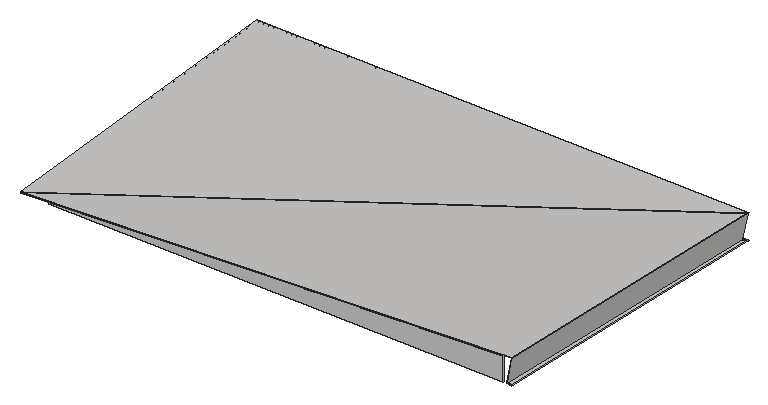
Revit family "Access_Flooring-FreeAxez-Ramp_Internal-1_20", category Specialty Equipment, Revit 2023
Family settings
  Round Connector Dimension = Use Diameter
  Part Type = Normal
  OmniClass Number = 23.35.50.27.14
  OmniClass Title = Rigid Grid Access Flooring
  Work Plane-Based = No
  Enable Cutting in Views = No
  Always vertical = Yes
  Cut with Voids When Loaded = No
  Maintain Annotation Orientation = No
  Shared = No
  Room Calculation Point = No
Parameters (values of type "Gridd70")
  Width = 4' - 7"
  URL = "https://www.freeaxez.com"
  Type Comments = ""
  Product Page URL = "https://www.freeaxez.com/gridd/#features"
  Product Documentation Link = "https://www.freeaxez.com/wp-content/uploads/2018/04/GRIDD-Catalog.pdf"
  Model = "FA-7455in"
  Manufacturer = "FreeAxez"
  Keynote = ""
  Height = 0' - 2.76"
  Description = "Gridd70 Ramp Internal 1:20"
  Default Elevation = 0' - 0"
  Cost = 0
  Assembly Code = ""
Types (2): name | Width | Model | Height | Description
  Gridd40 | 2' - 9" | "FA-4433in" | 0' - 1.57" | "Gridd40 Ramp Internal 1:20"
  Gridd70 | 4' - 7" | "FA-7455in" | 0' - 2.76" | "Gridd70 Ramp Internal 1:20"
Reference planes (in)
  plane 1 "Center (Front/Back)": y = -14.01969
  plane 2 "Bottom": z = 0
  plane 3 "Center (Left/Right)": x = 0
  plane 4: x = -27.5
  plane 5: x = 27.5
  plane 6: y = 2.48031
  plane 7: y = -30.51969
  plane 8 "Top": z = 2.76
  plane 9 "Back": y = 2.5202
  plane 10 "Right": x = 27.53988
  plane 11: y = -5.74974
  plane 12: x = 13.75
  plane 13: x = -27.53988
  plane 14: y = -30.55957
Forms (in)
  Extrusion 1, solid, material "Steel - Galvanized - FreeAxez"
    sketch origin (0, 0, 0) x (0, 1, 0) y (0, 0, 1)
      loop
        line (2.48031, 2.76) -> (-30.51969, 0.06271) -> (-30.51969, 0) -> (2.41636, 2.69461) -> (1.88976, 0) -> (2.48031, 0) -> (2.48031, 0.0625) -> (1.97174, 0.0625) -> (2.48031, 2.66495) -> (2.48031, 2.76)
    from -27.5 to 27.5
  Extrusion 2, solid, material "Steel - Galvanized - FreeAxez"
    sketch origin (-27.5, 45.0057, 48) x (0, 1, 0) y (0, 0, 1)
      loop
        line (-72.37578, -48) -> (-43.52538, -48) -> (-43.52538, -45.38198) -> (-72.37578, -47.74232) -> (-72.37578, -48)
    from 0.07031 to 0
  Extrusion 3, solid, material "Steel - Galvanized - FreeAxez"
    sketch origin (-7.01969, -7.01969, 0) x (-1, 0, 0) y (0, 0, 1)
      loop
        line (-34.51969, 2.76) -> (-34.51969, 2.66495) -> (-34.01111, 0.0625) -> (-34.51969, 0.0625) -> (-34.51969, 0) -> (-33.92913, 0) -> (-34.45573, 2.69461) -> (20.48031, 0) -> (20.48031, 0.06271) -> (-34.51969, 2.76)
    from -23.5 to 9.5
  Extrusion 4, void
    sketch origin (0, 0, 0) x (1, 0, 0) y (0, 1, 0)
      loop
        line (-27.5, -30.51969) -> (27.5, 2.48031) -> (-27.5, 2.48031) -> (-27.5, -30.51969)
    from 0 to 9.84252
  Extrusion 5, void
    sketch origin (0, 0, 0) x (1, 0, 0) y (0, 1, 0)
      loop
        line (27.5, 2.48031) -> (-27.5, -30.51969) -> (27.5, -30.51969) -> (27.5, 2.48031)
    from 0 to 9.84252
  Extrusion 6, solid, material "Steel - Galvanized - FreeAxez"
    sketch origin (-60, -30.51969, 48) x (-1, 0, 0) y (0, 0, 1)
      loop
        line (-35.64961, -48) -> (-35.64961, -47.84539) -> (-86.5, -45.34925) -> (-86.5, -48) -> (-35.64961, -48)
    from 0.06846 to 0
Cuts and joins
  Extrusion 4 cuts Extrusion 3
  Extrusion 5 cuts Extrusion 1
Lines and regions (in)
  Masking region 1
    outline origin (0, 0, 0) x (1, 0, 0) y (0, 1, 0)
      loop
        line (-27.5, 2.48031) -> (-27.5, -30.51969) -> (27.5, -30.51969) -> (27.5, 2.48031) -> (-27.5, 2.48031)
  symbolic lines
    curve 1: line (27.5, 2.48031, 0) -> (-27.5, -30.51969, 0)
    curve 4: line (27.5, 2.48031, 0) -> (-27.5, 2.48031, 0)
    curve 5: line (-27.5, 2.48031, 0) -> (-27.5, -30.51969, 0)
    curve 6: line (-27.5, -30.51969, 0) -> (27.5, -30.51969, 0)
    curve 7: line (27.5, -30.51969, 0) -> (27.5, 2.48031, 0)
    curve 12: line (9.75, -16.85138, 0) -> (13.75, -16.85138, 0)
    curve 13: line (17.75, -16.85138, 0) -> (17.04289, -17.55848, 0)
    curve 14: line (17.75, -16.85138, 0) -> (17.04289, -16.14427, 0)
    curve 15: line (13.75, -16.85138, 0) -> (17.75, -16.85138, 0)
    curve 16: line (-2.83169, -9.74974, 0) -> (-2.83169, -5.74974, 0)
    curve 17: line (-2.83169, -1.74974, 0) -> (-2.12459, -2.45685, 0)
    curve 18: line (-2.83169, -1.74974, 0) -> (-3.5388, -2.45685, 0)
    curve 19: line (-2.83169, -5.74974, 0) -> (-2.83169, -1.74974, 0)
  reference lines
    curve 2: line (-27.5, -14.01969, 0) -> (27.5, -14.01969, 2.69983)
    curve 3: line (0, -30.51969, 0) -> (0, 2.48031, 2.69983)
  symbolic lines, not visible
    curve 8: line (-5.45345, -2.26969, 0) -> (-1.45345, -2.26969, 0)
    curve 9: line (2.54655, -2.26969, 0) -> (1.83945, -2.97679, 0)
    curve 10: line (2.54655, -2.26969, 0) -> (1.83945, -1.56258, 0)
    curve 11: line (-1.45345, -2.26969, 0) -> (2.54655, -2.26969, 0)
Dimensions and locks (in)
  equal spacing: plane 4, plane 3 "Center (Left/Right)", plane 5
  equal spacing: plane 6, plane 1 "Center (Front/Back)", plane 7
  "Height": plane 8 "Top" to plane 2 "Bottom"
  plane 6 to plane 7 = 2' - 9"
  locked: plane 7 to Extrusion 2 sketch curve at 3.14961
  "Width": plane 4 to plane 5
  locked: plane 9 "Back" to plane 6 at 0.03988
  locked: plane 5 to plane 10 "Right" at 0.03988
  locked: plane 8 "Top" to curve 2 at 0.06017
  locked: Extrusion 6 sketch curve to plane 4 at 3.14961
  locked: plane 8 "Top" to curve 3 at 0.06017
  locked: Extrusion 3 sketch curve to plane 2 "Bottom" at 0.0625
  locked: plane 5 to Extrusion 3 sketch curve at 0.59055
  locked: Extrusion 1 sketch curve to plane 6 at 0.06395
  locked: Extrusion 1 sketch curve to plane 6 at 0.59055
  locked: Extrusion 2 sketch curve to plane 6 at 1
  locked: plane 5 to Extrusion 6 sketch curve at 1
  equal spacing: plane 3 "Center (Left/Right)", plane 12, plane 5
  equal spacing: plane 9 "Back", plane 11, plane 1 "Center (Front/Back)"
  locked: plane 4 to Extrusion 2 at 0.07031
  locked: Extrusion 6 to plane 7 at 0.06846
  locked: curve 15 to plane 1 "Center (Front/Back)" at 2.83169
  locked: nested 1 to plane 1 "Center (Front/Back)" at 2.83169
  locked: nested 1 to plane 12 at 5.02362
  locked: plane 13 to plane 4 at 0.03988
  locked: plane 7 to plane 14 at 0.03988
  locked: nested 2 to plane 11 at 5.02362
  locked: curve 19 to plane 3 "Center (Left/Right)" at 2.83169
  locked: nested 2 to plane 3 "Center (Left/Right)" at 2.83169
  aligned and locked: level to plane 2 "Bottom"
  aligned and locked: Extrusion 1 to plane 4
  aligned and locked: Extrusion 1 to plane 5
  aligned and locked: Masking region 1 sketch curve to plane 6
  aligned and locked: Masking region 1 sketch curve to plane 4
  aligned and locked: Masking region 1 sketch curve to plane 5
  aligned and locked: Masking region 1 sketch curve to plane 7
  aligned and locked: plane 4 to curve 2
  aligned and locked: plane 2 "Bottom" to curve 2
  aligned and locked: plane 5 to curve 2
  aligned and locked: curve 2 to Extrusion 6 sketch curve
  aligned and locked: Extrusion 3 to plane 7
  aligned and locked: plane 6 to Extrusion 3
  aligned and locked: plane 6 to curve 3
  aligned and locked: plane 7 to curve 3
  aligned and locked: plane 2 "Bottom" to curve 3
  aligned and locked: curve 3 to Extrusion 2 sketch curve
  aligned and locked: curve 7 to plane 5
  aligned and locked: curve 4 to plane 6
  aligned and locked: curve 5 to plane 4
  aligned and locked: curve 6 to plane 7
  aligned and locked: plane 5 to Extrusion 3 sketch curve
  aligned and locked: Extrusion 3 sketch curve to plane 5
  aligned and locked: Extrusion 3 sketch curve to plane 2 "Bottom"
  aligned and locked: plane 6 to Extrusion 1 sketch curve
  aligned and locked: Extrusion 1 sketch curve to plane 2 "Bottom"
  aligned and locked: Extrusion 1 sketch curve to plane 6
  aligned and locked: Extrusion 4 sketch curve to plane 6
  aligned and locked: Extrusion 4 sketch curve to plane 4
  aligned and locked: Extrusion 5 sketch curve to plane 7
  aligned and locked: Extrusion 5 sketch curve to plane 5
  aligned and locked: Extrusion 2 to plane 4
  aligned and locked: Extrusion 6 to plane 7
  aligned and locked: plane 12 to curve 15
Automatic sketch dimensions
  Extrusion 1 sketch curve to plane 7 = 0' - 0"
  Extrusion 1 sketch curve to level = 0' - 0"
  Extrusion 1 sketch curve to plane 8 "Top" = 0' - 0"
  level to Extrusion 1 sketch curve = 0' - 0.06271"
  Extrusion 1 sketch curve to Extrusion 1 sketch curve = 0' - 0.06539"
  Extrusion 3 sketch curve to plane 4 = 0' - 0"
  Extrusion 3 sketch curve to plane 8 "Top" = 0' - 0"
  level to Extrusion 3 sketch curve = 0' - 0.06271"
  Extrusion 3 sketch curve to plane 8 "Top" = 0' - 0.06539"
  Extrusion 5 sketch curve to plane 4 = 0' - 0"
  Extrusion 3 sketch curve to plane 5 = 0' - 0.06395"
  Extrusion 3 sketch curve to Extrusion 3 sketch curve = 0' - 0.08198"
  Extrusion 3 sketch curve to Extrusion 3 sketch curve = 0' - 0.02966"
  Extrusion 3 sketch curve to level = 0' - 0"
  level to Extrusion 1 sketch curve = 0' - 0 1/16"
  Extrusion 1 sketch curve to Extrusion 1 sketch curve = 0' - 0.08198"
  Extrusion 1 sketch curve to Extrusion 1 sketch curve = 0' - 0.02966"
  Extrusion 4 sketch curve to plane 7 = 0' - 0"
  Extrusion 4 sketch curve to plane 5 = 0' - 0"
  plane 6 to Extrusion 5 sketch curve = 0' - 0"
  Extrusion 2 sketch curve to level = 0' - 0"
  Extrusion 6 sketch curve to level = 0' - 0"
  curve 12 to curve 14 = 0' - 4"
  curve 12 to curve 12 = 0' - 4"
  curve 14 to curve 13 = 0' - 0.70711"
  curve 13 to curve 13 = 0' - 0.70711"  (x2)
  curve 8 to curve 10 = 0' - 4"
  curve 8 to curve 8 = 0' - 4"
  curve 10 to curve 9 = 0' - 0.70711"
  curve 9 to curve 9 = 0' - 0.70711"  (x2)
  curve 16 to curve 18 = 0' - 4"
  curve 16 to curve 16 = 0' - 4"
  curve 18 to curve 17 = 0' - 0.70711"
  curve 17 to curve 17 = 0' - 0.70711"  (x2)
Nested families (in)
  nested 1: "Label Annotation 1-8" at (8.72638, -16.85138, 0) x (0, -1, 0) z (0, 0, 1), type "Label Annotation 1-8"
  nested 2: "Label Annotation 1-8" at (-2.83169, -10.77337, 0), type "Label Annotation 1-8"
Definition of nested family "Label Annotation 1-8"
  Parameters (values of type "Label Annotation 1-8")
    Label = ""
  Reference planes (in)
    plane 1: y = 0
    plane 2: x = 0
  Text (in)
    label "Label" at (0.00375, -0.00345, 0), shows "Label"
